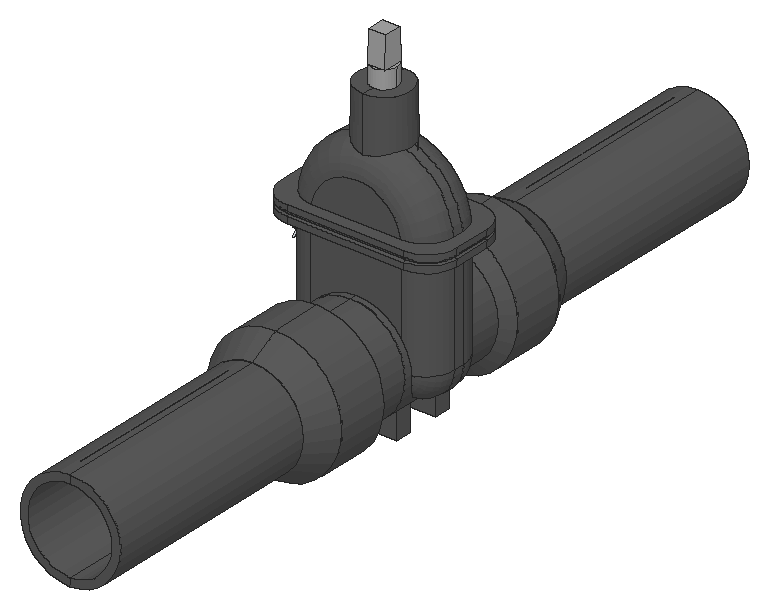
Revit family "36-52-116 DN65-300", category Pipe Accessories, Revit 2022
Family settings
  Round Connector Dimension = Use Diameter
  Part Type = Valve - Breaks Into
  Work Plane-Based = No
  Always vertical = No
  Cut with Voids When Loaded = No
  Shared = No
Parameters (values of type "DN100_D110")
  stem1 = size_lookup(Search_table, "stem1", 0.00 mm, DN)  # 19.00 mm
  cut = D - Dd  # 5.00 mm
  body_dim = Body_L * 0.85  # 69.70 mm
  Valve_D = Dd + Thickness  # 59.00 mm
  Stem1 = F1 * 1.3  # 28.60 mm
  slant = L * 0.2  # 172.00 mm
  axis_dim = Dd + Thickness  # 59.00 mm
  W = size_lookup(Search_table, "W", 0.00 mm, DN)  # 96.00 mm
  Thickness = 9.00 mm  # constant formula
  Rib_t = Body_Rib_T * 0.5  # 3.75 mm
  Rib_dim2 = Dd * 0.7  # 35.00 mm
  Rib_dim1 = Rib_dim2 * 0.8  # 28.00 mm
  Rib4_W = size_lookup(Search_table, "Rib4_W", 0.00 mm, DN) / 2  # 13.75 mm
  Rib4_L = size_lookup(Search_table, "Rib4_L", 0.00 mm, DN) / 2  # 15.00 mm
  Rib4_H = size_lookup(Search_table, "Rib4_H", 0.00 mm, DN)  # 85.40 mm
  Rib3_W = size_lookup(Search_table, "Rib3_W", 0.00 mm, DN) / 2  # 13.75 mm
  Rib3_L = size_lookup(Search_table, "Rib3_L", 0.00 mm, DN) / 2  # 15.00 mm
  Rib3_H = size_lookup(Search_table, "Rib3_H", 0.00 mm, DN)  # 85.40 mm
  Rib2_W = size_lookup(Search_table, "Rib2_W", 0.00 mm, DN) / 2  # 33.50 mm
  Rib2_L = size_lookup(Search_table, "Rib2_L", 0.00 mm, DN) / 2  # 33.50 mm
  Rib2_H = size_lookup(Search_table, "Rib2_H", 0.00 mm, DN)  # 85.40 mm
  Rib1_W = size_lookup(Search_table, "Rib1_W", 0.00 mm, DN) / 2  # 33.50 mm
  Rib1_L = size_lookup(Search_table, "Rib1_L", 0.00 mm, DN) / 2  # 33.50 mm
  Rib1_H = size_lookup(Search_table, "Rib1_H", 0.00 mm, DN)  # 85.40 mm
  Raised_dis = size_lookup(Search_table, "Raised_dis", 0.00 mm, DN)  # 3.00 mm
  Raised_R = size_lookup(Search_table, "Raised_R", 0.00 mm, DN)  # 76.00 mm
  OD = size_lookup(Search_table, "OD", 0.00 mm, DN)  # 110.00 mm
  L1 = size_lookup(Search_table, "L1", 0.00 mm, DN)  # 250.00 mm
  L = size_lookup(Search_table, "L", 0.00 mm, DN)  # 860.00 mm
  H3-H = H3 - H  # 73.00 mm
  H3 = size_lookup(Search_table, "H3", 0.00 mm, DN)  # 378.00 mm
  H = size_lookup(Search_table, "H", 0.00 mm, DN)  # 305.00 mm
  Gate valve_Pipe_L = size_lookup(Search_table, "Gate valve_Pipe_L", 0.00 mm, DN)  # 45.60 mm
  Fitting_mid_L = (((L / 2) - (Body_W + Bonnet_FL_T + FL_T)) - L1) / 1.7  # 67.647 mm
  Fitting_dim4 = Fitting_dim2 * 1.25  # 38.051 mm
  Fitting_dim3 = Fitting_dim2 * 1.2  # 36.529 mm
  Fitting_dim2 = Fitting_mid_L * 0.45  # 30.441 mm
  Fitting_dim1 = Fitting_mid_L * 0.3  # 20.294 mm
  Fillet1 = Fillet * 1.2  # 38.40 mm
  Fillet = size_lookup(Search_table, "Fillet", 0.00 mm, DN)  # 32.00 mm
  FL_T = size_lookup(Search_table, "FL_T", 0.00 mm, DN)  # 18.00 mm
  F2 = size_lookup(Search_table, "F2", 0.00 mm, DN)  # 34.00 mm
  F1 = size_lookup(Search_table, "F1", 0.00 mm, DN)  # 22.00 mm
  F = size_lookup(Search_table, "F", 0.00 mm, DN)  # 19.00 mm
  Bore = DN / 2  # 50.00 mm
  Bonnet_FL_W = size_lookup(Search_table, "Bonnet_FL_W", 0.00 mm, DN) / 2  # 52.50 mm
  Body_dim = size_lookup(Search_table, "Body_dim", 0.00 mm, DN)  # 35.20 mm
  Body_Rib_T = size_lookup(Search_table, "Body_Rib_T", 0.00 mm, DN)  # 7.50 mm
  Body_Rib_Start = size_lookup(Search_table, "Body_Rib_Start", 0.00 mm, DN)  # 28.00 mm
  Body_Rib_L = size_lookup(Search_table, "Body_Rib_L", 0.00 mm, DN)  # 85.00 mm
  Body_Rib_H = size_lookup(Search_table, "Body_Rib_H", 0.00 mm, DN)  # 70.00 mm
  36-400-52-161086 = "DN300_D355"
  36-315-52-161086 = "DN300_D315"
  36-280-52-161086 = "DN250_D280"
  36-250-52-161086 = "DN250_D250"
  36-225-52-16108699 = "DN200_D225"
  36-200-52-16108699 = "DN200_D200"
  36-125-52-16108699 = "DN125_D125"
  36-090-52-16108699 = "DN080_D090"
  36-180-52-16108699 = "DN150_D180"
  36-160-52-16108699 = "DN150_D160"
  36-140-52-16108699 = "DN125_D140"
  36-110-52-16108699 = "DN100_D110"
  DN = 100.00 mm
  Description_ = "AVK GATE VALVE, PREMIUM 100, PE PIPE ENDS, PN16"
  Default Elevation = 0.00 mm
  Dd = size_lookup(Search_table, "Dd", 0.00 mm, DN)  # 50.00 mm
  36-075-52-161086 = "DN065_D075"
  Search_table = "36-52-116 DN65-300"
  URL product pages = "https://www.avkvalves.com/P.aspx?no=3607552161086"
  D = size_lookup(Search_table, "D", 0.00 mm, DN) / 2  # 55.00 mm
  Bottom_revolve = Body_L * 0.7  # 57.40 mm
  Bonnet_dim4 = Bonnet_dim2 * 0.9  # 27.36 mm
  Bonnet_dim3 = Bonnet_dim2 * 0.7  # 21.28 mm
  Bonnet_dim2 = Body_W * 0.8  # 30.40 mm
  Bonnet_dim1 = Body_L * 1.15  # 94.30 mm
  Bonnet_FL_T = size_lookup(Search_table, "Bonnet_FL_T", 0.00 mm, DN)  # 9.00 mm
  Bonnet_FL_L = size_lookup(Search_table, "Bonnet_FL_L", 0.00 mm, DN) / 2  # 96.00 mm
  Bonnet_Dim4 = Stem1 * 1.15  # 32.89 mm
  Body_dimension2 = size_lookup(Search_table, "Body_dimension2", 0.00 mm, DN)  # 44.20 mm
  Body_dimension1 = FL_T * 1.2  # 21.60 mm
  Body_dim4 = Body_W * 1.1  # 41.80 mm
  Body_dim3 = Body_L * 1.1  # 90.20 mm
  Body_W = size_lookup(Search_table, "Body_W", 0.00 mm, DN) / 2  # 38.00 mm
  Body_L = size_lookup(Search_table, "Body_L", 0.00 mm, DN) / 2  # 82.00 mm
  Body_Height = size_lookup(Search_table, "Body_Height", 0.00 mm, DN)  # 122.00 mm
  2 = 2.00 mm  # constant formula
Types (14, lengths in mm): name | stem1 | cut | body_dim | Valve_D | Stem1 | slant | axis_dim | W | Rib_t | Rib_dim2 | Rib_dim1 | Rib4_W | Rib4_L | Rib4_H | Rib3_W | Rib3_L | Rib3_H | Rib2_W | Rib2_L | Rib2_H | Rib1_W | Rib1_L | Rib1_H | Raised_dis | Raised_R | OD | L1 | L | H3-H | H3 | H | Gate valve_Pipe_L | Fitting_mid_L | Fitting_dim4 | Fitting_dim3 | Fitting_dim2 | Fitting_dim1 | Fillet1 | Fillet | FL_T | F2 | F1 | F | Bore | Bonnet_FL_W | Body_dim | Body_Rib_T | Body_Rib_Start | Body_Rib_L | Body_Rib_H | DN | Dd | D | Bottom_revolve | Bonnet_dim4 | Bonnet_dim3 | Bonnet_dim2 | Bonnet_dim1 | Bonnet_FL_T | Bonnet_FL_L | Bonnet_Dim4 | Body_dimension2 | Body_dimension1 | Body_dim4 | Body_dim3 | Body_W | Body_L | Body_Height
  (no name) | 19.00 | 5.00 | 69.70 | 59.00 | 28.60 | 172.00 | 59.00 | 96.00 | 3.75 | 35.00 | 28.00 | 13.75 | 15.00 | 85.40 | 13.75 | 15.00 | 85.40 | 33.50 | 33.50 | 85.40 | 33.50 | 33.50 | 85.40 | 3.00 | 76.00 | 110.00 | 250.00 | 860.00 | 73.00 | 378.00 | 305.00 | 45.60 | 67.647 | 38.051 | 36.529 | 30.441 | 20.294 | 38.40 | 32.00 | 18.00 | 34.00 | 22.00 | 19.00 | 50.00 | 52.50 | 35.20 | 7.50 | 28.00 | 85.00 | 70.00 | 100.00 | 50.00 | 55.00 | 57.40 | 27.36 | 21.28 | 30.40 | 94.30 | 9.00 | 96.00 | 32.89 | 44.20 | 21.60 | 41.80 | 90.20 | 38.00 | 82.00 | 122.00
  DN065_D075 | 17.00 | 5.00 | 46.325 | 41.50 | 26.00 | 180.00 | 41.50 | 76.00 | 3.50 | 22.75 | 18.20 | 13.75 | 15.00 | 80.50 | 13.75 | 15.00 | 80.50 | 25.50 | 25.50 | 80.50 | 25.50 | 25.50 | 80.50 | 3.00 | 55.00 | 93.00 | 250.00 | 900.00 | 51.00 | 322.00 | 271.00 | 44.40 | 80.588 | 45.331 | 43.518 | 36.265 | 24.176 | 28.80 | 24.00 | 18.00 | 34.00 | 20.00 | 17.00 | 32.50 | 50.00 | 26.40 | 7.00 | 28.00 | 85.00 | 57.00 | 65.00 | 32.50 | 37.50 | 38.15 | 26.64 | 20.72 | 29.60 | 62.675 | 8.00 | 67.50 | 29.90 | 39.10 | 21.60 | 40.70 | 59.95 | 37.00 | 54.50 | 115.00
  DN080_D090 | 17.00 | 5.00 | 61.20 | 49.00 | 26.00 | 180.00 | 49.00 | 85.50 | 3.75 | 28.00 | 22.40 | 13.75 | 15.00 | 75.60 | 13.75 | 15.00 | 75.60 | 29.50 | 29.50 | 75.60 | 29.50 | 29.50 | 75.60 | 3.00 | 66.00 | 100.00 | 255.00 | 900.00 | 60.00 | 342.00 | 282.00 | 42.00 | 78.235 | 44.007 | 42.247 | 35.206 | 23.471 | 33.60 | 28.00 | 18.00 | 34.00 | 20.00 | 17.00 | 40.00 | 48.00 | 30.80 | 7.50 | 28.00 | 85.00 | 58.00 | 80.00 | 40.00 | 45.00 | 50.40 | 25.20 | 19.60 | 28.00 | 82.80 | 9.00 | 85.00 | 29.90 | 40.80 | 21.60 | 38.50 | 79.20 | 35.00 | 72.00 | 108.00
  DN100_D110 | 19.00 | 5.00 | 69.70 | 59.00 | 28.60 | 172.00 | 59.00 | 96.00 | 3.75 | 35.00 | 28.00 | 13.75 | 15.00 | 85.40 | 13.75 | 15.00 | 85.40 | 33.50 | 33.50 | 85.40 | 33.50 | 33.50 | 85.40 | 3.00 | 76.00 | 110.00 | 250.00 | 860.00 | 73.00 | 378.00 | 305.00 | 45.60 | 67.647 | 38.051 | 36.529 | 30.441 | 20.294 | 38.40 | 32.00 | 18.00 | 34.00 | 22.00 | 19.00 | 50.00 | 52.50 | 35.20 | 7.50 | 28.00 | 85.00 | 70.00 | 100.00 | 50.00 | 55.00 | 57.40 | 27.36 | 21.28 | 30.40 | 94.30 | 9.00 | 96.00 | 32.89 | 44.20 | 21.60 | 41.80 | 90.20 | 38.00 | 82.00 | 122.00
  DN125_D125 | 19.00 | 0.00 | 82.025 | 71.50 | 28.60 | 172.00 | 71.50 | 110.00 | 4.00 | 43.75 | 35.00 | 13.75 | 15.00 | 95.90 | 13.75 | 15.00 | 95.90 | 35.50 | 35.50 | 95.90 | 35.50 | 35.50 | 95.90 | 3.00 | 91.00 | 125.00 | 300.00 | 860.00 | 86.00 | 432.00 | 346.00 | 49.20 | 36.471 | 20.515 | 19.694 | 16.412 | 10.941 | 40.80 | 34.00 | 18.00 | 34.00 | 22.00 | 19.00 | 62.50 | 55.50 | 37.40 | 8.00 | 40.00 | 120.00 | 85.00 | 125.00 | 62.50 | 62.50 | 67.55 | 29.52 | 22.96 | 32.80 | 110.975 | 9.00 | 110.00 | 32.89 | 46.75 | 21.60 | 45.10 | 106.15 | 41.00 | 96.50 | 137.00
  DN125_D140 | 19.00 | 7.45 | 82.025 | 71.55 | 28.60 | 172.00 | 71.55 | 136.00 | 4.00 | 43.785 | 35.028 | 13.75 | 15.00 | 95.90 | 13.75 | 15.00 | 95.90 | 39.50 | 39.50 | 95.90 | 39.50 | 39.50 | 95.90 | 3.00 | 105.00 | 142.00 | 250.00 | 860.00 | 89.00 | 435.00 | 346.00 | 49.20 | 64.118 | 36.066 | 34.624 | 28.853 | 19.235 | 45.60 | 38.00 | 18.00 | 34.00 | 22.00 | 19.00 | 62.55 | 55.50 | 41.80 | 8.00 | 40.00 | 120.00 | 85.00 | 125.10 | 62.55 | 70.00 | 67.55 | 29.52 | 22.96 | 32.80 | 110.975 | 12.00 | 110.00 | 32.89 | 55.25 | 21.60 | 45.10 | 106.15 | 41.00 | 96.50 | 137.00
  DN150_D160 | 19.00 | 5.00 | 103.70 | 84.00 | 28.60 | 206.00 | 84.00 | 166.00 | 4.50 | 52.50 | 42.00 | 13.75 | 15.00 | 120.40 | 13.75 | 15.00 | 120.40 | 41.50 | 41.50 | 120.40 | 41.50 | 41.50 | 120.40 | 3.00 | 132.00 | 170.00 | 325.00 | 1030.00 | 102.00 | 502.00 | 400.00 | 57.60 | 65.294 | 36.728 | 35.259 | 29.382 | 19.588 | 48.00 | 40.00 | 19.00 | 34.00 | 22.00 | 19.00 | 75.00 | 75.00 | 44.00 | 9.00 | 33.00 | 120.00 | 99.00 | 150.00 | 75.00 | 80.00 | 85.40 | 34.56 | 26.88 | 38.40 | 140.30 | 12.00 | 136.00 | 32.89 | 72.25 | 22.80 | 52.80 | 134.20 | 48.00 | 122.00 | 172.00
  DN150_D180 | 19.00 | 15.00 | 103.70 | 84.00 | 28.60 | 206.00 | 84.00 | 166.00 | 4.50 | 52.50 | 42.00 | 13.75 | 15.00 | 120.40 | 13.75 | 15.00 | 120.40 | 41.50 | 41.50 | 120.40 | 41.50 | 41.50 | 120.40 | 3.00 | 132.00 | 170.00 | 265.00 | 1030.00 | 108.00 | 508.00 | 400.00 | 57.60 | 100.588 | 56.581 | 54.318 | 45.265 | 30.176 | 48.00 | 40.00 | 19.00 | 34.00 | 22.00 | 19.00 | 75.05 | 75.00 | 44.00 | 9.00 | 33.00 | 120.00 | 99.00 | 150.10 | 75.00 | 90.00 | 85.40 | 34.56 | 26.88 | 38.40 | 140.30 | 12.00 | 136.00 | 32.89 | 72.25 | 22.80 | 52.80 | 134.20 | 48.00 | 122.00 | 172.00
  DN200_D200 | 24.00 | 0.00 | 133.45 | 109.00 | 35.10 | 216.00 | 109.00 | 210.00 | 5.00 | 70.00 | 56.00 | 13.75 | 15.00 | 154.00 | 13.75 | 15.00 | 154.00 | 44.50 | 44.50 | 154.00 | 44.50 | 44.50 | 154.00 | 3.00 | 145.00 | 200.00 | 255.00 | 1080.00 | 125.00 | 615.00 | 490.00 | 66.00 | 117.059 | 65.846 | 63.212 | 52.676 | 35.118 | 51.60 | 43.00 | 19.00 | 34.00 | 27.00 | 24.00 | 100.00 | 85.00 | 47.30 | 10.00 | 52.00 | 140.00 | 125.00 | 200.00 | 100.00 | 100.00 | 109.90 | 39.60 | 30.80 | 44.00 | 180.55 | 12.00 | 166.00 | 40.365 | 90.95 | 22.80 | 60.50 | 172.70 | 55.00 | 157.00 | 220.00
  DN200_D225 | 24.00 | 12.45 | 133.45 | 109.05 | 35.10 | 216.00 | 109.05 | 210.00 | 5.00 | 70.035 | 56.028 | 13.75 | 15.00 | 154.00 | 13.75 | 15.00 | 154.00 | 44.50 | 44.50 | 154.00 | 44.50 | 44.50 | 154.00 | 3.00 | 145.00 | 200.00 | 265.00 | 1080.00 | 142.00 | 632.00 | 490.00 | 66.00 | 111.176 | 62.537 | 60.035 | 50.029 | 33.353 | 51.60 | 43.00 | 19.00 | 34.00 | 27.00 | 24.00 | 100.05 | 85.00 | 47.30 | 10.00 | 52.00 | 140.00 | 125.00 | 200.10 | 100.05 | 112.50 | 109.90 | 39.60 | 30.80 | 44.00 | 180.55 | 12.00 | 166.00 | 40.365 | 90.95 | 22.80 | 60.50 | 172.70 | 55.00 | 157.00 | 220.00
  DN250_D250 | 27.00 | 0.00 | 139.40 | 134.00 | 40.30 | 256.00 | 134.00 | 224.00 | 5.00 | 87.50 | 70.00 | 30.00 | 75.00 | 100.00 | 30.00 | 75.00 | 100.00 | 41.00 | 41.00 | 100.00 | 90.00 | 172.00 | 105.00 | 3.00 | 183.00 | 225.00 | 420.00 | 1280.00 | 146.00 | 810.00 | 664.00 | 94.80 | 61.176 | 34.412 | 33.035 | 27.529 | 18.353 | 48.00 | 40.00 | 23.00 | 47.00 | 31.00 | 27.00 | 125.00 | 100.00 | 50.60 | 10.00 | 50.00 | 140.00 | 152.00 | 250.00 | 125.00 | 125.00 | 114.80 | 56.88 | 44.24 | 63.20 | 188.60 | 14.00 | 186.00 | 46.345 | 97.75 | 27.60 | 86.90 | 180.40 | 79.00 | 164.00 | 305.00
  DN250_D280 | 27.00 | 14.95 | 139.40 | 134.05 | 40.30 | 272.00 | 134.05 | 224.00 | 5.00 | 87.535 | 70.028 | 30.00 | 75.00 | 100.00 | 30.00 | 75.00 | 100.00 | 41.00 | 41.00 | 100.00 | 90.00 | 172.00 | 105.00 | 3.00 | 183.00 | 225.00 | 365.00 | 1360.00 | 159.00 | 823.00 | 664.00 | 94.80 | 117.059 | 65.846 | 63.212 | 52.676 | 35.118 | 48.00 | 40.00 | 23.00 | 47.00 | 31.00 | 27.00 | 125.05 | 100.00 | 50.60 | 10.00 | 50.00 | 140.00 | 152.00 | 250.10 | 125.05 | 140.00 | 114.80 | 56.88 | 44.24 | 63.20 | 188.60 | 14.00 | 186.00 | 46.345 | 97.75 | 27.60 | 86.90 | 180.40 | 79.00 | 164.00 | 305.00
  DN300_D315 | 27.00 | 7.50 | 175.10 | 159.00 | 40.30 | 284.00 | 159.00 | 274.00 | 10.00 | 105.00 | 84.00 | 30.00 | 75.00 | 120.00 | 30.00 | 75.00 | 100.00 | 115.00 | 214.00 | 280.00 | 115.00 | 214.00 | 125.00 | 4.00 | 215.00 | 260.00 | 355.00 | 1420.00 | 184.00 | 924.00 | 740.00 | 130.20 | 121.471 | 68.327 | 65.594 | 54.662 | 36.441 | 55.20 | 46.00 | 26.00 | 47.00 | 31.00 | 27.00 | 150.00 | 125.00 | 50.60 | 20.00 | 57.00 | 191.00 | 193.00 | 300.00 | 150.00 | 157.50 | 144.20 | 78.12 | 60.76 | 86.80 | 236.90 | 14.00 | 224.00 | 46.345 | 131.75 | 31.20 | 119.35 | 226.60 | 108.50 | 206.00 | 370.00
  DN300_D355 | 27.00 | 27.45 | 175.10 | 159.05 | 40.30 | 304.00 | 159.05 | 274.00 | 10.00 | 105.035 | 84.028 | 30.00 | 75.00 | 120.00 | 30.00 | 75.00 | 100.00 | 115.00 | 214.00 | 280.00 | 115.00 | 214.00 | 125.00 | 4.00 | 215.00 | 260.00 | 355.00 | 1520.00 | 221.00 | 961.00 | 740.00 | 130.20 | 150.882 | 84.871 | 81.476 | 67.897 | 45.265 | 55.20 | 46.00 | 26.00 | 47.00 | 31.00 | 27.00 | 150.05 | 125.00 | 50.60 | 20.00 | 57.00 | 191.00 | 193.00 | 300.10 | 150.05 | 177.50 | 144.20 | 78.12 | 60.76 | 86.80 | 236.90 | 14.00 | 224.00 | 46.345 | 131.75 | 31.20 | 119.35 | 226.60 | 108.50 | 206.00 | 370.00
Reference planes
  plane 1 "Center (Front/Back)": y = 0
  plane 2: z = 0
  plane 3 "Center (Left/Right)": x = 0
  plane 4: y = 430
  plane 5: y = -430
  plane 6: z = -73
  plane 7: z = 305
  plane 8: z = 76
  plane 9: y = 37.5
  plane 10: y = -37.5
  plane 11: y = 11
  plane 12: y = -11
  plane 13: x = -48
  plane 14: x = 48
  plane 15: y = 412
  plane 16: y = -412
  plane 17: z = 122
  plane 18: y = 9.5
  plane 19: y = -9.5
  plane 20: z = 271
  plane 21: x = -9.5
  plane 22: x = 9.5
  plane 23: z = 59
  plane 24: y = -427
  plane 25: y = 28
  plane 26: y = -28
  plane 27: y = 20
  plane 28: y = -20
  plane 29: y = 9.5
  plane 30: y = -9.5
  plane 31: y = 35.5
  plane 32: z = 139.293
  plane 33: z = -139.293
  plane 34: z = 50
  plane 35: z = -50
  plane 36: y = 180
  plane 37: y = -180
  plane 38: y = 112.353
  plane 39: y = -112.353
  plane 40: z = 55
  plane 41: z = 64
  plane 42: z = -55
  plane 43: z = 73
  plane 44: y = -35.5
  plane 45: x = -82
  plane 46: z = 100.4
  plane 47: x = 82
  plane 48: x = -42.5
  plane 49: x = 42.5
  plane 50: z = -70
  plane 51: y = 45.6
  plane 52: z = 36.6
  plane 53: z = 36.6
  plane 54: z = 36.6
  plane 55: z = 250
Forms (mm)
  Revolve 1, solid, material "DynamoError"
    sketch origin (0, 0, 0) x (0, 1, 0) y (0, 0, 1)
      loop
        line (45.6, 50) -> (45.6, 59) -> (-45.6, 59) -> (-45.6, 50) -> (45.6, 50)
      axis (45.6, 0) -> (-45.6, 0)
    angle from 0 to 360
  Extrusion 2, solid, material "Default Wall"
    sketch origin (0, 0, 0) x (0, 1, 0) y (0, 0, 1)
      loop
        line (-11, 271) -> (11, 271) -> (9.5, 305) -> (-9.5, 305) -> (-11, 271)
    from -9.5 to 9.5
  Extrusion 3, solid, material "Default Wall"
    sketch origin (-292.418, -1524, 305) x (-1, 0, 0) y (0, -1, 0)
      loop
        circle (-292.418, -1524) r 14.3
    from -53 to -34
  Extrusion 4, solid, material "DynamoError"
    sketch origin (-292.418, -1524, 305) x (-1, 0, 0) y (0, -1, 0)
      loop
        arc (-242.418, -1562) -> (-219.791, -1552.627) -> (-210.418, -1530) r 32
        line (-210.418, -1530) -> (-210.418, -1518)
        arc (-210.418, -1518) -> (-219.791, -1495.373) -> (-242.418, -1486) r 32
        line (-242.418, -1486) -> (-342.418, -1486)
        arc (-342.418, -1486) -> (-365.045, -1495.373) -> (-374.418, -1518) r 32
        line (-374.418, -1518) -> (-374.418, -1530)
        arc (-374.418, -1530) -> (-365.045, -1552.627) -> (-342.418, -1562) r 32
        line (-342.418, -1562) -> (-242.418, -1562)
    from -305 to -183
  Extrusion 5, solid, material "DynamoError"
    sketch origin (0, 450.725, 122) x (0, 1, 0) y (-1, 0, 0)
      loop
        arc (-398.225, 64) -> (-407.597, 86.627) -> (-430.225, 96) r 32
        line (-430.225, 96) -> (-471.225, 96)
        arc (-471.225, 96) -> (-493.852, 86.627) -> (-503.225, 64) r 32
        line (-503.225, 64) -> (-503.225, -64)
        arc (-503.225, -64) -> (-493.852, -86.627) -> (-471.225, -96) r 32
        line (-471.225, -96) -> (-430.225, -96)
        arc (-430.225, -96) -> (-407.597, -86.627) -> (-398.225, -64) r 32
        line (-398.225, -64) -> (-398.225, 64)
    from -9 to 9
  Sweep 6, void
    path in 3D
      loop
        arc (-96, -20.5, 131) -> (-86.627, -43.127, 131) -> (-64, -52.5, 131) r 32
        line (-64, -52.5, 131) -> (64, -52.5, 131)
        arc (64, -52.5, 131) -> (86.627, -43.127, 131) -> (96, -20.5, 131) r 32
        line (96, -20.5, 131) -> (96, 20.5, 131)
        arc (96, 20.5, 131) -> (86.627, 43.127, 131) -> (64, 52.5, 131) r 32
        line (64, 52.5, 131) -> (-64, 52.5, 131)
        arc (-64, 52.5, 131) -> (-86.627, 43.127, 131) -> (-96, 20.5, 131) r 32
        line (-96, 20.5, 131) -> (-96, -20.5, 131)
    profile origin (-96, 0, 131) x (1, 0, 0) y (0, 0, 1)
      loop
        circle (0, -9) r 2
  Revolve 7, solid, material "DynamoError"
    sketch origin (0, 450.725, 122) x (0, 1, 0) y (-1, 0, 0)
      loop
        line (-412.725, -50) -> (-412.725, 0) -> (-488.725, 0) -> (-488.725, -50)
        arc (-488.725, -50) -> (-479.352, -72.627) -> (-456.725, -82) r 32
        line (-456.725, -82) -> (-444.725, -82)
        arc (-444.725, -82) -> (-422.097, -72.627) -> (-412.725, -50) r 32
      axis (-412.725, 0) -> (-488.725, 0)
    angle from -180 to 0
  Revolve 8, solid, material "DynamoError"
    sketch origin (0, 0, 0) x (0, 1, 0) y (0, 0, 1)
      loop
        line (430, 55) -> (180, 55) -> (180, 46) -> (430, 46) -> (430, 55)
      loop
        line (-180, 55) -> (-430, 55) -> (-430, 46) -> (-180, 46) -> (-180, 55)
      axis (430, 0) -> (-430, 0)
    angle from 0 to 360
  Revolve 9, solid, material "DynamoError"
    sketch origin (0, 0, 0) x (0, 1, 0) y (0, 0, 1)
      loop
        line (0, 252) -> (-28.6, 252) -> (-30.4, 122) -> (0, 122) -> (0, 252)
      axis (0, 122) -> (0, 252)
    angle from 0 to 360
  Revolve 10, solid, material "DynamoError"
    sketch origin (0, 0, 0) x (0, 1, 0) y (0, 0, 1)
      loop
        line (180, 55) -> (148.882, 73) -> (92.059, 73) -> (81.912, 59) -> (45.6, 59) -> (45.6, 0) -> (180, 0) -> (180, 55)
      loop
        line (-180, 55) -> (-180, 0) -> (-45.6, 0) -> (-45.6, 59) -> (-81.912, 59) -> (-92.059, 73) -> (-148.882, 73) -> (-180, 55)
      axis (180, 0) -> (-180, 0)
    angle from 0 to 360
  Extrusion 11, solid, material "DynamoError"
    sketch origin (0, -35.5, 341.081) x (0, 0, 1) y (1, 0, 0)
      loop
        line (-411.081, 42.5) -> (-411.081, -42.5) -> (-341.081, -42.5) -> (-341.081, 42.5) -> (-411.081, 42.5)
    from 0 to 18
  Extrusion 12, solid, material "DynamoError"
    sketch origin (0, 35.5, 341.081) x (0, 0, 1) y (-1, 0, 0)
      loop
        line (-411.081, -42.5) -> (-341.081, -42.5) -> (-341.081, 42.5) -> (-411.081, 42.5) -> (-411.081, -42.5)
    from 0 to 18
  Revolve 13, solid, material "DynamoError"
    sketch origin (0, 0, 0) x (1, 0, 0) y (0, 1, 0)
      loop
        arc (-50, 38) -> (-72.627, 28.627) -> (-82, 6) r 32
        line (-82, 6) -> (-82, -6)
        arc (-82, -6) -> (-72.627, -28.627) -> (-50, -38) r 32
        line (-50, -38) -> (-46.8, -38) -> (-46.8, 38) -> (-50, 38)
      axis (-46.8, -38) -> (-46.8, 38)
    angle from 0 to 360
  Revolve 14, solid, material "DynamoError"
    sketch origin (0, 0, 0) x (1, 0, 0) y (0, 1, 0)
      loop
        arc (82, 6) -> (72.627, 28.627) -> (50, 38) r 32
        line (50, 38) -> (46.8, 38) -> (46.8, -38) -> (50, -38)
        arc (50, -38) -> (72.627, -28.627) -> (82, -6) r 32
        line (82, -6) -> (82, 6)
      axis (46.8, 38) -> (46.8, -38)
    angle from 0 to 360
  Extrusion 15, solid, material "DynamoError"
    sketch origin (0, 434.529, 36.6) x (0, 1, 0) y (-1, 0, 0)
      loop
        arc (-401.029, 1.5) -> (-410.402, 24.127) -> (-433.029, 33.5) r 32
        line (-433.029, 33.5) -> (-436.029, 33.5)
        arc (-436.029, 33.5) -> (-458.657, 24.127) -> (-468.029, 1.5) r 32
        line (-468.029, 1.5) -> (-468.029, -1.5)
        arc (-468.029, -1.5) -> (-458.657, -24.127) -> (-436.029, -33.5) r 32
        line (-436.029, -33.5) -> (-433.029, -33.5)
        arc (-433.029, -33.5) -> (-410.402, -24.127) -> (-401.029, -1.5) r 32
        line (-401.029, -1.5) -> (-401.029, 1.5)
    from -3.75 to 3.75
  Extrusion 16, solid, material "DynamoError"
    sketch origin (0, 412.26, 36.6) x (0, 1, 0) y (-1, 0, 0)
      loop
        arc (-378.76, 1.5) -> (-388.132, 24.127) -> (-410.76, 33.5) r 32
        line (-410.76, 33.5) -> (-413.76, 33.5)
        arc (-413.76, 33.5) -> (-436.387, 24.127) -> (-445.76, 1.5) r 32
        line (-445.76, 1.5) -> (-445.76, -1.5)
        arc (-445.76, -1.5) -> (-436.387, -24.127) -> (-413.76, -33.5) r 32
        line (-413.76, -33.5) -> (-410.76, -33.5)
        arc (-410.76, -33.5) -> (-388.132, -24.127) -> (-378.76, -1.5) r 32
        line (-378.76, -1.5) -> (-378.76, 1.5)
    from -3.75 to 3.75
Cuts and joins
  Sweep 6 cuts Extrusion 5
Lines and regions (mm)
  sketch lines
    curve 1: line (-96, 20.5, 131) -> (-96, -20.5, 131)
    curve 2: arc (-64, -52.5, 131) -> (-86.627, -43.127, 131) -> (-96, -20.5, 131) r 32
    curve 3: line (-64, -52.5, 131) -> (64, -52.5, 131)
    curve 4: arc (96, -20.5, 131) -> (86.627, -43.127, 131) -> (64, -52.5, 131) r 32
    curve 5: line (96, -20.5, 131) -> (96, 20.5, 131)
    curve 6: arc (64, 52.5, 131) -> (86.627, 43.127, 131) -> (96, 20.5, 131) r 32
    curve 7: line (64, 52.5, 131) -> (-64, 52.5, 131)
    curve 8: arc (-96, 20.5, 131) -> (-86.627, 43.127, 131) -> (-64, 52.5, 131) r 32
Dimensions and locks
  equal spacing: plane 4, plane 1 "Center (Front/Back)", plane 5
  "L": plane 4 to plane 5
  equal spacing: plane 9, plane 1 "Center (Front/Back)", plane 10
  plane 4 to plane 5 = 860.00 mm  (x2)
  equal spacing: plane 11, plane 1 "Center (Front/Back)", plane 12
  "F1": plane 11 to plane 12
  equal spacing: plane 14, plane 3 "Center (Left/Right)", plane 13
  "W": plane 14 to plane 13
  "H3-H": level to plane 6
  equal spacing: plane 15, plane 1 "Center (Front/Back)", plane 16
  "Raised_R": plane 8 to level
  "H": plane 7 to level
  equal spacing: plane 18, plane 1 "Center (Front/Back)", plane 19
  "F": plane 18 to plane 19
  "F2": plane 7 to plane 20
  equal spacing: Extrusion 2, plane 3 "Center (Left/Right)", Extrusion 2
  equal spacing: plane 22, plane 3 "Center (Left/Right)", plane 21
  "F": plane 22 to plane 21
  equal spacing: Extrusion 2 sketch curve, plane 1 "Center (Front/Back)", Extrusion 2 sketch curve  (x2)
  "F": Extrusion 2 sketch curve to plane 19
  "F1": Extrusion 2 sketch curve to plane 12
  equal spacing: Extrusion 3 sketch curve, plane 3 "Center (Left/Right)", Extrusion 3 sketch curve
  equal spacing: Extrusion 3 sketch curve, plane 1 "Center (Front/Back)", Extrusion 3 sketch curve
  "stem1": plane 20 to Extrusion 3
  equal spacing: Extrusion 4 sketch curve, plane 3 "Center (Left/Right)", Extrusion 4 sketch curve
  equal spacing: Extrusion 4 sketch curve, plane 1 "Center (Front/Back)", Extrusion 4 sketch curve
  "Body_W": plane 1 "Center (Front/Back)" to Extrusion 4 sketch curve
  "Body_L": plane 3 "Center (Left/Right)" to Extrusion 4 sketch curve
  "FL_T": plane 4 to plane 15
  plane 1 "Center (Front/Back)" to plane 24 = 427.00 mm
  equal spacing: Extrusion 5 sketch curve, plane 1 "Center (Front/Back)", Extrusion 5 sketch curve
  equal spacing: Extrusion 5 sketch curve, plane 3 "Center (Left/Right)", Extrusion 5 sketch curve
  "Bonnet_FL_L": plane 3 "Center (Left/Right)" to Extrusion 5 sketch curve
  "Bonnet_FL_W": plane 1 "Center (Front/Back)" to Extrusion 5 sketch curve
  equal spacing: Extrusion 5, plane 17, Extrusion 5
  "Bonnet_FL_T": Extrusion 5 to plane 17
  "Bonnet_FL_L": plane 3 "Center (Left/Right)" to Sweep 6 sketch curve
  equal spacing: Sweep 6 sketch curve, plane 17, Sweep 6 sketch curve
  equal spacing: plane 25, plane 1 "Center (Front/Back)", plane 26
  "Body_Rib_Start": plane 25 to plane 1 "Center (Front/Back)"
  plane 7 to level = 305.00 mm
  plane 7 to plane 6 = 378.00 mm  (x2)
  equal spacing: plane 27, plane 1 "Center (Front/Back)", plane 28
  plane 27 to plane 1 "Center (Front/Back)" = 20.00 mm
  equal spacing: plane 29, plane 1 "Center (Front/Back)", plane 30
  "F": plane 29 to plane 30
  "Body_Rib_T": plane 31 to plane 25
  equal spacing: Revolve 1 sketch curve, plane 1 "Center (Front/Back)", Revolve 1 sketch curve
  equal spacing: plane 32, level, plane 33
  equal spacing: plane 34, level, plane 35
  "stem1": plane 20 to Revolve 9 sketch curve
  "Stem1": plane 1 "Center (Front/Back)" to Revolve 9 sketch curve
  equal spacing: plane 36, plane 1 "Center (Front/Back)", plane 37
  "L1": plane 4 to plane 36
  "Fitting_mid_L": plane 36 to plane 38
  equal spacing: plane 38, plane 1 "Center (Front/Back)", plane 39
  "D": plane 40 to level
  "Valve_D": plane 23 to level
  "Fitting_dim2": plane 38 to Revolve 10 sketch curve
  "Thickness": plane 40 to Revolve 8 sketch curve
  "Bonnet_FL_T": plane 41 to plane 40
  equal spacing: plane 40, level, plane 42
  plane 40 to plane 42 = 110.00 mm  (x2)
  "H3-H": plane 43 to level
  "Fitting_dim3": Revolve 10 sketch curve to plane 38
  "Fitting_dim1": plane 38 to Revolve 10 sketch curve
  plane 4 to plane 36 = 250.00 mm
  equal spacing: plane 31, plane 1 "Center (Front/Back)", plane 44
  "Thickness": plane 23 to Revolve 1 sketch curve
  equal spacing: Revolve 10 sketch curve, plane 1 "Center (Front/Back)", Revolve 10 sketch curve  (x4)
  "D": Revolve 10 sketch curve to level  (x2)
  "Valve_D": Revolve 10 sketch curve to level  (x2)
  "FL_T": Extrusion 11 to plane 44
  equal spacing: Extrusion 12, plane 1 "Center (Front/Back)", Extrusion 11
  "Body_L": plane 45 to plane 3 "Center (Left/Right)"
  "Body_dim": plane 45 to Revolve 13 sketch curve
  "Body_dimension1": plane 17 to plane 46
  "Bonnet_dim2": plane 1 "Center (Front/Back)" to Revolve 9 sketch curve
  "Body_L": plane 3 "Center (Left/Right)" to plane 47
  "Body_dim": Revolve 14 sketch curve to plane 47
  "Body_Height": plane 17 to level
  equal spacing: plane 49, plane 3 "Center (Left/Right)", plane 48
  "Body_Rib_L": plane 48 to plane 49
  "Body_Rib_H": level to plane 50
  equal spacing: Extrusion 12 sketch curve, plane 3 "Center (Left/Right)", Extrusion 12 sketch curve
  "Gate valve_Pipe_L": plane 1 "Center (Front/Back)" to plane 51
  "Gate valve_Pipe_L": plane 1 "Center (Front/Back)" to Revolve 10 sketch curve
  "Rib1_H": plane 17 to plane 52
  "Rib2_H": plane 17 to plane 53
  "Rib3_H": plane 17 to plane 54
  equal spacing: Extrusion 15 sketch curve, plane 1 "Center (Front/Back)", Extrusion 15 sketch curve
  equal spacing: Extrusion 15 sketch curve, plane 3 "Center (Left/Right)", Extrusion 15 sketch curve
  "Rib1_W": plane 1 "Center (Front/Back)" to Extrusion 15 sketch curve
  "Rib1_L": plane 3 "Center (Left/Right)" to Extrusion 15 sketch curve
  equal spacing: Extrusion 15, plane 52, Extrusion 15
  "Rib_t": Extrusion 15 to plane 52
  equal spacing: Extrusion 16, plane 53, Extrusion 16
  "Rib_t": Extrusion 16 to plane 53
  equal spacing: Extrusion 16 sketch curve, plane 1 "Center (Front/Back)", Extrusion 16 sketch curve
  equal spacing: Extrusion 16 sketch curve, plane 3 "Center (Left/Right)", Extrusion 16 sketch curve
  "Rib2_L": Extrusion 16 sketch curve to plane 3 "Center (Left/Right)"
  "Rib2_W": plane 1 "Center (Front/Back)" to Extrusion 16 sketch curve
  plane 11 to plane 12 = 22.00 mm
  "2": plane 46 to nested 1
  "Fillet": radius of Extrusion 4 sketch curve  (x4)
  "Fillet": radius of Extrusion 5 sketch curve  (x4)
  "2": radius of Sweep 6 sketch curve
  "Stem1": diameter of Extrusion 3 sketch curve
  "Fillet": radius of Extrusion 15 sketch curve  (x4)
  "Fillet": radius of Extrusion 16 sketch curve  (x4)
  aligned and locked: level to plane 2
  aligned and locked: Extrusion 2 to plane 21
  aligned and locked: plane 20 to Extrusion 2 sketch curve
  aligned and locked: Extrusion 2 sketch curve to plane 7
  aligned and locked: plane 20 to Extrusion 3
  aligned and locked: Extrusion 4 to level
  aligned and locked: plane 17 to Extrusion 4
  aligned and locked: Revolve 7 sketch curve to plane 3 "Center (Left/Right)"  (x2)
  aligned and locked: Revolve 7 sketch curve to Extrusion 4  (x2)
  aligned and locked: Extrusion 4 to Revolve 7 sketch curve
  aligned and locked: plane 17 to Revolve 7
  aligned and locked: Revolve 8 sketch curve to plane 4
  aligned and locked: Revolve 8 sketch curve to level
  aligned and locked: plane 1 "Center (Front/Back)" to Revolve 9 sketch curve
  aligned and locked: Revolve 9 sketch curve to plane 1 "Center (Front/Back)"
  aligned and locked: Revolve 8 sketch curve to plane 36
  aligned and locked: Revolve 8 sketch curve to plane 5
  aligned and locked: Revolve 8 sketch curve to plane 37
  aligned and locked: Revolve 10 sketch curve to plane 2
  aligned and locked: Revolve 8 sketch curve to Revolve 8 sketch curve  (x2)
  aligned and locked: Revolve 1 sketch curve to plane 2
  aligned and locked: plane 23 to Revolve 1 sketch curve
  aligned and locked: Revolve 8 sketch curve to plane 40
  aligned and locked: Revolve 10 sketch curve to plane 43
  aligned and locked: Revolve 10 sketch curve to Revolve 10 sketch curve  (x2)
  aligned and locked: plane 44 to Extrusion 11
  aligned and locked: Revolve 10 sketch curve to level
  aligned and locked: Extrusion 12 to plane 31
  aligned and locked: Revolve 13 sketch curve to Extrusion 4  (x2)
  aligned and locked: Revolve 13 sketch curve to Revolve 13 sketch curve
  aligned and locked: plane 17 to Revolve 9 sketch curve
  aligned and locked: Revolve 14 sketch curve to Extrusion 4  (x2)
  aligned and locked: Revolve 14 sketch curve to Revolve 14 sketch curve
  aligned and locked: plane 50 to Extrusion 11 sketch curve
  aligned and locked: plane 49 to Extrusion 12 sketch curve
  aligned and locked: plane 50 to Extrusion 12 sketch curve
  aligned and locked: Extrusion 11 sketch curve to level
  aligned and locked: Extrusion 12 sketch curve to level
  aligned and locked: plane 51 to Revolve 1 sketch curve
  aligned and locked: plane 1 "Center (Front/Back)" to nested 1
Automatic sketch dimensions
  plane 12 to Revolve 7 sketch curve = 0.139 mm
  Revolve 7 sketch curve to plane 27 = 2.139 mm
  plane 49 to Extrusion 11 sketch curve = 0.00 mm
  Extrusion 11 sketch curve to plane 48 = 0.00 mm
  plane 24 to Revolve 1 sketch curve = 0.423 mm
  plane 15 to Revolve 1 sketch curve = 2.383 mm
  Revolve 8 sketch curve to plane 36 = 4.457 mm
  Revolve 8 sketch curve to Revolve 8 sketch curve = 39.10 mm
  Revolve 9 sketch curve to plane 52 = 1.572 mm
  Revolve 9 sketch curve to Revolve 9 sketch curve = 6.912 mm
  Revolve 10 sketch curve to plane 37 = 0.00 mm
  Revolve 10 sketch curve to plane 36 = 0.00 mm
  Revolve 10 sketch curve to Revolve 10 sketch curve = 0.313 mm
  Revolve 10 sketch curve to plane 38 = 0.526 mm
  plane 11 to Revolve 13 sketch curve = 0.571 mm
  Revolve 13 sketch curve to Revolve 13 sketch curve = 0.021 mm
  Revolve 14 sketch curve to plane 1 "Center (Front/Back)" = 3.311 mm
  Revolve 14 sketch curve to Revolve 14 sketch curve = 0.211 mm
Nested families
  nested 1: "logo small-1 - Copy" at (-82, 0, 84.714) x (0, -1, 0) z (-1, 0, 0), type "logo small-1 - Copy"
Connectors
  piping at (0, 430, 0), diameter 100, driven by "DN"
    settings: on Revolve 8, index 1, connector inside diameter 609.6 mm, connector length 0.00 mm, flow factor 0, pipe flow 0.0 L/s, pressure drop 0.0 Pa, fitting loss kfactor 0, connector angle 0.00°, fixture units 0, engagement length 0.00 mm, angle of deflection 0.00°, flow configuration 0, flow direction 0, fitting loss method 0, system type 7, joint type 0, gender type 0, connector reference index -1, connector utility 0, adjustable connector no, is connector primary yes, connector description ""
  piping at (0, -430, 0), diameter 100, driven by "DN"
    settings: on Revolve 8, index 2, connector inside diameter 609.6 mm, connector length 0.00 mm, flow factor 0, pipe flow 0.0 L/s, pressure drop 0.0 Pa, fitting loss kfactor 0, connector angle 0.00°, fixture units 0, engagement length 0.00 mm, angle of deflection 0.00°, flow configuration 0, flow direction 0, fitting loss method 0, system type 7, joint type 0, gender type 0, connector reference index -1, connector utility 0, adjustable connector no, is connector primary no, connector description ""
Definition of nested family "logo small-1 - Copy"
  Parameters
    Default Elevation = 1219.20 mm
  Reference planes
    plane 1 "Center (Front/Back)": y = 0
    plane 2: z = 0
    plane 3 "Center (Left/Right)": x = 0
  Forms (mm)
    Extrusion 1, solid
      sketch origin (0, 0, 0) x (1, 0, 0) y (0, 1, 0)
        loop
          line (-26.697, 30) -> (-26.697, -20.859) -> (26.519, -20.859) -> (26.519, 30) -> (-26.697, 30)
      from 0 to -304.8
    Extrusion 2, solid
      sketch origin (0, 0, 0) x (1, 0, 0) y (0, 1, 0)
        loop
          line (-20.607, 8.379) -> (-20.607, 4.302) -> (-16.724, 4.302) -> (-20.607, -5.729) -> (-16.724, -5.729) -> (-15.818, -3.389) -> (-9.104, -3.389) -> (-8.117, -5.729) -> (-3.91, -5.729) -> (-9.864, 8.379) -> (-20.607, 8.379)
        loop
          line (-12.518, 5.079) -> (-14.33, 0) -> (-10.641, 0) -> (-12.518, 5.079)
        loop
          line (-8.635, 9.738) -> (-2.292, -5.729) -> (2.173, -5.729) -> (8.451, 9.738) -> (20.488, 9.738) -> (20.488, 13.686) -> (5.312, 13.686) -> (0, 0) -> (-5.463, 13.686) -> (-20.607, 13.686) -> (-20.607, 9.738) -> (-8.635, 9.738)
        loop
          line (20.488, 4.302) -> (20.488, 8.379) -> (16.605, 8.379)
          arc (16.605, 8.379) -> (15.328, 4.717) -> (11.816, 3.072) r 4.995
          line (11.816, 3.072) -> (13.952, 8.379) -> (9.68, 8.379) -> (3.921, -5.729) -> (8.29, -5.729) -> (10.518, -0.27) -> (14.236, -5.729) -> (19.616, -5.729) -> (14.879, 0.432)
          arc (14.879, 0.432) -> (17.563, 1.981) -> (19.616, 4.302) r 9.637
          line (19.616, 4.302) -> (20.488, 4.302)
      from 0 to 2
  Dimensions and locks
    aligned and locked: plane 2 to Extrusion 1
    aligned and locked: level to Extrusion 1
    aligned and locked: Extrusion 2 sketch curve to import instance  (x36)
    aligned and locked: plane 1 "Center (Front/Back)" to Extrusion 2 sketch curve
